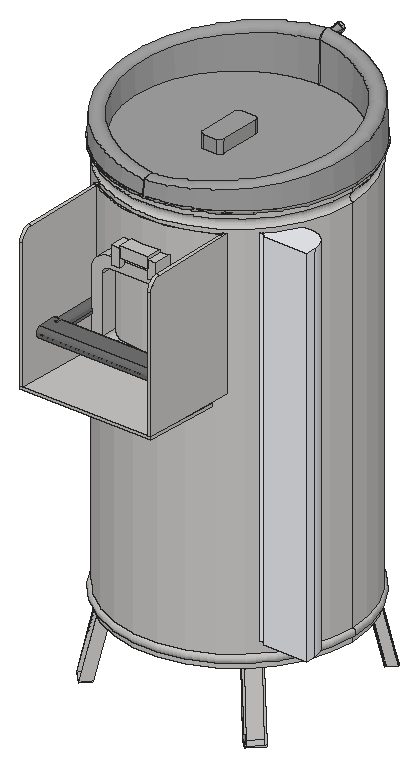
Revit family "QF_ELECTROLUXPROFESSIONAL_602010_T25EF150", category Specialty Equipment, Revit 2018
Family settings
  Round Connector Dimension = Use Diameter
  Part Type = Normal
  Work Plane-Based = No
  Always vertical = Yes
  Cut with Voids When Loaded = No
  Shared = No
  Room Calculation Point = No
Parameters (values of type "QF_ELECTROLUX_602010_T25EF150")
  Weight = 83.00 kg
  Watts = 0 W
  Volts = 220 V
  URL Manufacturer = "http://professional.electrolux.com"
  URL = "http://professional.electrolux.com"
  Steam Supply Size = 0 mm
  Steam Supply Minimum Pressure = 0.0 Pa
  Steam Supply Maximum Pressure = 0.0 Pa
  Steam Pounds per Hour = 0
  Refrigeration Suction Line Size = 0 mm
  Refrigeration Liquid Line Size = 0 mm
  Refrigerant Compressor Remote = yes
  Manufacturer = "Electrolux"
  Phase = 1
  Model = "T25EF150"
  Length Actual = 585.0 mm  # constant formula
  Item Number = "602010"
  Hot Water Size = 0 mm
  Height Actual = 1215.0 mm  # constant formula
  HP = "1.5 HP"
  Gas Size = 0 mm
  Gas KW = 0
  Gas Input Pressure = 0 W
  Direct Waste Size = 80 mm
  Description = "VEG.PEELER-FLAT P+ABR.PL.25KG 220-240/50"
  Depth Actual = 785.0 mm  # constant formula
  Cycle = 50 Hz
  Condensate Return Size = 0 mm
  Compressed Air Volume = 0.0 L/s
  Compressed Air Size = 0 mm
  Compressed Air Pressure = 0.0 Pa
  Cold Water Size = 4267.2 mm
  Accessory = yes
Reference planes
  plane 1 "Center (Front/Back)": y = 0
  plane 2: z = 0
  plane 3 "Center (Left/Right)": x = 0
  plane 4 "BASE": z = 150
  plane 5 "TOP": z = 1065
  plane 6 "FRONT": y = -357.5
  plane 7 "BACK": y = 357.5
  plane 8 "LEFT": x = -292.5
  plane 9 "RIGHT": x = 292.5
  plane 10 "maxTOP": z = 1215
  plane 11 "CenterX": x = -17.5
  plane 12 "panel": y = -153.854
  plane 13 "CenterY": y = 82.5
Forms (mm)
  Extrusion 1, solid, material "QF_Finishes_White"
    sketch origin (15, 33.322, 150) x (-1, 0, 0) y (0, -1, 0)
      loop
        line (-277.5, 138.822) -> (-277.5, 113.822)
        arc (-277.5, 113.822) -> (-263.156, 79.193) -> (-228.526, 64.849) r 48.974
        line (-228.526, 64.849) -> (-207.38, 64.849)
        arc (-207.38, 64.849) -> (-187.353, 99.85) -> (-162.258, 131.415) r 265.602
        line (-162.258, 131.415) -> (-163.019, 132.176) -> (-166.936, 128.259) -> (-177.5, 138.822) -> (-277.5, 138.822)
    from 56.568 to 900.804
  Extrusion 2, solid, material "QF_Finishes_Stainless Steel"
    sketch origin (0, 0, 0) x (0, 1, 0) y (0, 0, 1)
      loop
        line (-357.5, 721.288) -> (-182.5, 713.568) -> (-182.5, 719.093) -> (-357.5, 726.813) -> (-357.5, 721.288)
    from -168.759 to 133.759
  Extrusion 3, solid, material "QF_Finishes_Stainless Steel"
    sketch origin (-44.759, 0, 0) x (0, 1, 0) y (0, 0, -1)
      loop
        line (-357.5, -726.813) -> (-357.5, -1025.804)
        arc (-357.5, -1025.804) -> (-350.178, -1043.482) -> (-332.5, -1050.804) r 25
        line (-332.5, -1050.804) -> (-127.5, -1050.804) -> (-127.5, -718.781) -> (-357.5, -726.813)
    from 117 to 124
  Extrusion 4, solid, material "QF_Finishes_Stainless Steel"
    sketch origin (0, 0, 150) x (-1, 0, 0) y (0, -1, 0)
      loop
        arc (172.251, 140.808) -> (22.607, 184.63) -> (-127.959, 144.09) r 288.186
        line (-127.959, 144.09) -> (-124.477, 136.795)
        arc (-124.477, 136.795) -> (22.609, 176.57) -> (168.759, 133.482) r 280.158
        line (168.759, 133.482) -> (172.251, 140.808)
    from 569.093 to 900.804
  Extrusion 5, solid, material "QF_Finishes_Stainless Steel"
    sketch origin (-17.5, 0, 0) x (0, 0, 1) y (0, -1, 0)
      loop
        circle (832.894, 322.843) r 7
    from -130 to 130
  Extrusion 6, solid, material "QF_Finishes_Rubber Black"
    sketch origin (-17.5, 0, 0) x (0, 0, 1) y (0, -1, 0)
      loop
        arc (844.894, 327.843) -> (822.077, 330.054) -> (832.894, 309.843) r 13
        line (832.894, 309.843) -> (832.894, 285.666)
        arc (832.894, 285.666) -> (838.894, 279.666) -> (844.894, 285.666) r 6
        line (844.894, 285.666) -> (844.894, 327.843)
    from -130 to 130
  Extrusion 7, solid, material "QF_Finishes_Rubber Black"
    sketch origin (-27.476, -357.5, 70) x (-1, 0, 0) y (0, 0, 1)
      loop
        circle (-127.5, 762.394) r 12.5
      loop
        circle (107.547, 762.394) r 12.5
    from 62.138 to 203.646
  Extrusion 8, solid, material "QF_Finishes_Stainless Steel"
    sketch origin (-17.5, 0, 195) x (1, 0, 0) y (0, 0, 1)
      loop
        line (-10, 1005) -> (-7.071, 997.929) -> (0, 995) -> (7.071, 997.929) -> (10, 1005) -> (7.071, 1012.071) -> (0, 1015) -> (-7.071, 1012.071) -> (-10, 1005)
      loop
        circle (0, 1005) r 8
    from -373.585 to -381.017
  Extrusion 9, void
    sketch origin (-17.5, 357.5, 345) x (-1, 0, 0) y (0, 0, 1)
      loop
        circle (0, 330) r 10
    from -157.442 to -143.934
  Extrusion 10, solid, material "QF_Finishes_Gray"
    sketch origin (-17.5, 0, 345) x (1, 0, 0) y (0, 0, 1)
      loop
        circle (0, 330) r 10
    from -208.033 to -187.558
  Revolve 11, solid, material "QF_Finishes_Stainless Steel"
    sketch origin (0, 82.5, 0) x (-1, 0, 0) y (0, 0, 1)
      loop
        line (17.5, 150) -> (283.102, 150) -> (283.102, 160.974)
        arc (283.102, 160.974) -> (289.638, 170.258) -> (283.102, 179.542) r 9.862
        line (283.102, 179.542) -> (283.102, 1059.542)
        arc (283.102, 1059.542) -> (276.862, 1070.408) -> (283.102, 1081.274) r 12.581
        line (283.102, 1081.274) -> (283.102, 1093.788)
        arc (283.102, 1093.788) -> (289.747, 1096.54) -> (292.5, 1103.185) r 9.398
        line (292.5, 1103.185) -> (17.5, 1103.185) -> (17.5, 150)
      axis (17.5, 150) -> (17.5, 1103.185)
    angle from 0 to 360
  SweptBlend 12, solid, material "QF_Finishes_Gray"
    path origin (64.366, 63.98, 1065) x (0.006024, 0.999982, 0) y (0.999982, -0.006024, 0)
      loop
        arc (-238.132, -80.433) -> (15.93, -336.075) -> (273.054, -83.512) r 255.602
    profile origin (-17.5, -173.664, 1065) x (-0.005849, -0.999983, 0) y (0, 0, 1)
      loop
        arc (14.696, 67.651) -> (0, 71.191) -> (-14.696, 67.651) r 32.279
        line (-14.696, 67.651) -> (-18.35, 32.886) -> (18.35, 32.886) -> (14.696, 67.651)
    end profile origin (-17.5, 337.532, 1065) x (-0.005849, 0.999983, 0) y (0, 0, 1)
      loop
        line (-19.398, 32.914) -> (19.398, 32.914) -> (17.099, 133.288)
        arc (17.099, 133.288) -> (0, 150) -> (-17.099, 133.288) r 17.104
        line (-17.099, 133.288) -> (-19.398, 32.914)
  SweptBlend 13, solid, material "QF_Finishes_Gray"
    path origin (0, 0, 1065) x (-1, 0, 0) y (0, -1, 0)
      loop
        arc (17.5, 173.664) -> (-236.607, -81.934) -> (17.5, -337.532) r 255.602
    profile origin (-17.5, -173.664, 1065) x (-0.005849, 0.999983, 0) y (0, 0, 1)
      loop
        line (-14.798, 67.651) -> (-18.452, 32.886) -> (18.247, 32.886) -> (14.593, 67.651)
        spline (14.593, 67.651) -> (12.286, 68.719) -> (9.902, 69.601) -> (7.456, 70.293) -> (4.962, 70.791) -> (2.438, 71.091) -> (-0.102, 71.191) -> (-2.643, 71.091) -> (-5.167, 70.791) -> (-7.66, 70.293) -> (-10.107, 69.601) -> (-12.491, 68.719) -> (-14.798, 67.651)
    end profile origin (-17.5, 337.532, 1065) x (-0.005849, -0.999983, 0) y (0, 0, 1)
      loop
        line (-19.499, 32.914) -> (19.295, 32.914) -> (16.996, 133.288)
        spline (16.996, 133.288) -> (16.332, 137.632) -> (14.582, 141.664) -> (11.863, 145.117) -> (8.354, 147.762) -> (4.287, 149.427) -> (-0.071, 150) -> (-4.43, 149.443) -> (-8.504, 147.794) -> (-12.023, 145.161) -> (-14.755, 141.719) -> (-16.519, 137.694) -> (-17.2, 133.352)
        line (-17.2, 133.352) -> (-19.499, 32.914)
  Extrusion 14, solid, material "QF_Finishes_Gray"
    sketch origin (0, 0, 1065) x (-1, 0, 0) y (0, -1, 0)
      loop
        line (2.5, -112.5) -> (32.5, -112.5)
        arc (32.5, -112.5) -> (39.571, -109.571) -> (42.5, -102.5) r 10
        line (42.5, -102.5) -> (42.5, -12.5)
        arc (42.5, -12.5) -> (39.571, -5.429) -> (32.5, -2.5) r 10
        line (32.5, -2.5) -> (2.5, -2.5)
        arc (2.5, -2.5) -> (-4.571, -5.429) -> (-7.5, -12.5) r 10
        line (-7.5, -12.5) -> (-7.5, -102.5)
        arc (-7.5, -102.5) -> (-4.571, -109.571) -> (2.5, -112.5) r 10
    from 43.406 to 72.383
  Extrusion 15, solid, material "QF_Finishes_Gray"
    sketch origin (0, 0, 1065) x (-1, 0, 0) y (0, -1, 0)
      loop
        circle (16.002, -81.495) r 236.723
    from 43.406 to 38.185
  Extrusion 16, solid, material "QF_Finishes_Stainless Steel"
    sketch origin (9.759, 0, 0) x (0, 1, 0) y (0, 0, 1)
      loop
        line (-357.5, 726.813) -> (-136.795, 719.106) -> (-136.795, 1050.804) -> (-332.5, 1050.804)
        arc (-332.5, 1050.804) -> (-350.178, 1043.482) -> (-357.5, 1025.804) r 25
        line (-357.5, 1025.804) -> (-357.5, 726.813)
    from 117 to 124
  Extrusion 17, solid, material "QF_Finishes_Stainless Steel"
    sketch origin (0, -357.5, 0) x (-1, 0, 0) y (0, 0, 1)
      loop
        line (69.293, 991.706) -> (49.293, 991.706) -> (49.293, 951.706) -> (69.293, 951.706) -> (69.293, 991.706)
      loop
        line (-34.293, 991.706) -> (-34.293, 951.706) -> (-14.293, 951.706) -> (-14.293, 991.706) -> (-34.293, 991.706)
    from 140 to 197
  Extrusion 18, solid, material "QF_Finishes_Stainless Steel"
    sketch origin (5, -357.5, 0) x (-1, 0, 0) y (0, 0, 1)
      loop
        line (87.5, 959.894) -> (-42.5, 959.894)
        arc (-42.5, 959.894) -> (-70.784, 948.178) -> (-82.5, 919.894) r 40
        line (-82.5, 919.894) -> (-82.5, 789.894)
        arc (-82.5, 789.894) -> (-70.784, 761.609) -> (-42.5, 749.894) r 40
        line (-42.5, 749.894) -> (87.5, 749.894)
        arc (87.5, 749.894) -> (115.784, 761.609) -> (127.5, 789.894) r 40
        line (127.5, 789.894) -> (127.5, 919.894)
        arc (127.5, 919.894) -> (115.784, 948.178) -> (87.5, 959.894) r 40
      loop
        line (87.5, 934.894) -> (-42.5, 934.894)
        arc (-42.5, 934.894) -> (-53.107, 930.5) -> (-57.5, 919.894) r 15
        line (-57.5, 919.894) -> (-57.5, 789.894)
        arc (-57.5, 789.894) -> (-53.107, 779.287) -> (-42.5, 774.894) r 15
        line (-42.5, 774.894) -> (87.5, 774.894)
        arc (87.5, 774.894) -> (98.107, 779.287) -> (102.5, 789.894) r 15
        line (102.5, 789.894) -> (102.5, 919.894)
        arc (102.5, 919.894) -> (98.107, 930.5) -> (87.5, 934.894) r 15
    from 150 to 197
  Extrusion 19, solid, material "QF_Finishes_Stainless Steel"
    sketch origin (0, -357.5, 0) x (-1, 0, 0) y (0, 0, 1)
      loop
        line (-14.293, 971.706) -> (49.293, 971.706) -> (49.293, 996.706) -> (-14.293, 996.706) -> (-14.293, 971.706)
    from 197 to 140
  Blend 20, solid, material "QF_Finishes_Stainless Steel"
    base sketch origin (0, 0, 0) x (1, 0, 0) y (0, 1, 0)
      loop
        line (201.823, -108.539) -> (184.146, -90.861) -> (155.861, -119.146) -> (173.539, -136.823) -> (174.953, -135.409) -> (158.69, -119.146) -> (184.146, -93.69) -> (200.409, -109.953) -> (201.823, -108.539)
    top sketch origin (0, 0, 0) x (1, 0, 0) y (0, 1, 0)
      loop
        line (176.754, -83.47) -> (159.077, -65.792) -> (130.792, -94.077) -> (148.47, -111.754) -> (149.884, -110.34) -> (133.621, -94.077) -> (159.077, -68.621) -> (175.34, -84.884) -> (176.754, -83.47)
    from 0 to 150
  Blend 21, solid, material "QF_Finishes_Stainless Steel"
    base sketch origin (0, 0, 0) x (1, 0, 0) y (0, 1, 0)
      loop
        line (-236.823, -108.539) -> (-235.409, -109.953) -> (-219.146, -93.69) -> (-193.69, -119.146) -> (-209.953, -135.409) -> (-208.539, -136.823) -> (-190.861, -119.146) -> (-219.146, -90.861) -> (-236.823, -108.539)
    top sketch origin (0, 0, 0) x (1, 0, 0) y (0, 1, 0)
      loop
        line (-211.754, -83.47) -> (-210.34, -84.884) -> (-194.077, -68.621) -> (-168.621, -94.077) -> (-184.884, -110.34) -> (-183.47, -111.754) -> (-165.792, -94.077) -> (-194.077, -65.792) -> (-211.754, -83.47)
    from 0 to 150
  Blend 22, solid, material "QF_Finishes_Stainless Steel"
    base sketch origin (0, 0, 0) x (1, 0, 0) y (0, 1, 0)
      loop
        line (201.823, 273.539) -> (200.409, 274.953) -> (184.146, 258.69) -> (158.69, 284.146) -> (174.953, 300.409) -> (173.539, 301.823) -> (155.861, 284.146) -> (184.146, 255.861) -> (201.823, 273.539)
    top sketch origin (0, 0, 0) x (1, 0, 0) y (0, 1, 0)
      loop
        line (176.754, 248.47) -> (175.34, 249.884) -> (159.077, 233.621) -> (133.621, 259.077) -> (149.884, 275.34) -> (148.47, 276.754) -> (130.792, 259.077) -> (159.077, 230.792) -> (176.754, 248.47)
    from 0 to 150
  Blend 23, solid, material "QF_Finishes_Stainless Steel"
    base sketch origin (0, 0, 0) x (1, 0, 0) y (0, 1, 0)
      loop
        line (-236.823, 273.539) -> (-219.146, 255.861) -> (-190.861, 284.146) -> (-208.539, 301.823) -> (-209.953, 300.409) -> (-193.69, 284.146) -> (-219.146, 258.69) -> (-235.409, 274.953) -> (-236.823, 273.539)
    top sketch origin (0, 0, 0) x (1, 0, 0) y (0, 1, 0)
      loop
        line (-211.754, 248.47) -> (-194.077, 230.792) -> (-165.792, 259.077) -> (-183.47, 276.754) -> (-184.884, 275.34) -> (-168.621, 259.077) -> (-194.077, 233.621) -> (-210.34, 249.884) -> (-211.754, 248.47)
    from 0 to 150
  Extrusion 24, solid, material "QF_Finishes_Stainless Steel"
    sketch origin (0, 0, 0) x (1, 0, 0) y (0, 1, 0)
      loop
        line (-219.146, -90.861) -> (-236.823, -108.539) -> (-208.539, -136.823) -> (-190.861, -119.146) -> (-219.146, -90.861)
    from 0 to 3
  Extrusion 25, solid, material "QF_Finishes_Stainless Steel"
    sketch origin (-35, 0, 0) x (-1, 0, 0) y (0, -1, 0)
      loop
        line (-219.146, 90.861) -> (-190.861, 119.146) -> (-208.539, 136.823) -> (-236.823, 108.539) -> (-219.146, 90.861)
    from 0 to 3
  Extrusion 26, solid, material "QF_Finishes_Stainless Steel"
    sketch origin (0, 165, 0) x (1, 0, 0) y (0, 1, 0)
      loop
        line (-219.146, 90.861) -> (-190.861, 119.146) -> (-208.539, 136.823) -> (-236.823, 108.539) -> (-219.146, 90.861)
    from 0 to 3
  Extrusion 27, solid, material "QF_Finishes_Stainless Steel"
    sketch origin (-35, 165, 0) x (-1, 0, 0) y (0, -1, 0)
      loop
        line (-219.146, -90.861) -> (-236.823, -108.539) -> (-208.539, -136.823) -> (-190.861, -119.146) -> (-219.146, -90.861)
    from 0 to 3
  Blend 28, solid, material "QF_Finishes_Stainless Steel"
    base sketch origin (0, 357.5, 0) x (-1, 0, 0) y (0, 0, 1)
      loop
        circle (17.5, 550) r 45
    top sketch origin (0, 357.5, 0) x (-1, 0, 0) y (0, 0, 1)
      loop
        circle (17.5, 530) r 45
    from 0 to 51.203
  Extrusion 29, void
    sketch origin (0, 357.5, 0) x (-1, 0, 0) y (0, 0, 1)
      loop
        circle (17.5, 1200) r 8
    from -9.874 to -2.231
  Extrusion 30, solid, material "QF_Finishes_Gray"
    sketch origin (0, -357.5, 0) x (-1, 0, 0) y (0, 0, 1)
      loop
        circle (17.5, 1200) r 8
      loop
        circle (17.5, 1200) r 7
    from 705.126 to 731.085
Cuts and joins
  Extrusion 29 cuts SweptBlend 13
Lines and regions (mm)
  Split face 1
    outline origin (292.5, -105.5, 150) x (-1, 0, 0) y (0, 0, -1)
      loop
        line (84.915, -856.837) -> (84.915, -839.525) -> (34.311, -839.525) -> (34.311, -856.837) -> (84.915, -856.837)
  Split face 2
    outline origin (292.5, -105.5, 150) x (-1, 0, 0) y (0, 0, -1)
      loop
        line (78.34, -826.435) -> (78.34, -833.394) -> (83.261, -838.314) -> (90.22, -838.314) -> (95.141, -833.394) -> (95.141, -826.435) -> (90.22, -821.514) -> (83.261, -821.514) -> (78.34, -826.435)
  Split face 3
    outline origin (327.5, -105.5, 150) x (-1, 0, 0) y (0, 0, -1)
      loop
        line (60.435, -826.435) -> (60.435, -833.394) -> (65.356, -838.314) -> (72.315, -838.314) -> (77.236, -833.394) -> (77.236, -826.435) -> (72.315, -821.514) -> (65.356, -821.514) -> (60.435, -826.435)
  Split face 4
    outline origin (292.5, -105.5, 100) x (-1, 0, 0) y (0, 0, -1)
      loop
        line (78.34, -826.435) -> (78.34, -833.394) -> (83.261, -838.314) -> (90.22, -838.314) -> (95.141, -833.394) -> (95.141, -826.435) -> (90.22, -821.514) -> (83.261, -821.514) -> (78.34, -826.435)
  Split face 5
    outline origin (327.5, -105.5, 100) x (-1, 0, 0) y (0, 0, -1)
      loop
        line (60.435, -826.435) -> (60.435, -833.394) -> (65.356, -838.314) -> (72.315, -838.314) -> (77.236, -833.394) -> (77.236, -826.435) -> (72.315, -821.514) -> (65.356, -821.514) -> (60.435, -826.435)
  symbolic lines
    curve 1: circle (-17.5, 82.5, 0) r 275 normal (0, 0, 1)
    curve 2: line (-225.582, 262.297, 0) -> (-236.823, 273.539, 0)
    curve 3: line (-236.823, 273.539, 0) -> (-208.539, 301.823, 0)
    curve 4: line (-208.539, 301.823, 0) -> (-197.297, 290.582, 0)
    curve 5: line (190.582, 262.297, 0) -> (201.823, 273.539, 0)
    curve 6: line (201.823, 273.539, 0) -> (173.539, 301.823, 0)
    curve 7: line (173.539, 301.823, 0) -> (162.297, 290.582, 0)
    curve 8: line (-225.582, -97.297, 0) -> (-236.823, -108.539, 0)
    curve 9: line (-236.823, -108.539, 0) -> (-208.539, -136.823, 0)
    curve 10: line (-208.539, -136.823, 0) -> (-197.297, -125.582, 0)
    curve 11: line (198.784, -105.5, 0) -> (201.823, -108.539, 0)
    curve 12: line (201.823, -108.539, 0) -> (173.539, -136.823, 0)
    curve 13: line (173.539, -136.823, 0) -> (162.297, -125.582, 0)
    curve 14: line (-42.5, 102.5, 0) -> (-42.5, 12.5, 0)
    curve 15: line (7.5, 12.5, 0) -> (7.5, 102.5, 0)
    curve 16: arc (7.5, 102.5, 0) -> (4.571, 109.571, 0) -> (-2.5, 112.5, 0) r 10
    curve 17: line (-2.5, 112.5, 0) -> (-32.5, 112.5, 0)
    curve 18: arc (-32.5, 112.5, 0) -> (-39.571, 109.571, 0) -> (-42.5, 102.5, 0) r 10
    curve 19: arc (-42.5, 12.5, 0) -> (-39.571, 5.429, 0) -> (-32.5, 2.5, 0) r 10
    curve 20: line (-32.5, 2.5, 0) -> (-2.5, 2.5, 0)
    curve 21: arc (-2.5, 2.5, 0) -> (4.571, 5.429, 0) -> (7.5, 12.5, 0) r 10
    curve 22: line (192.5, -105.5, 0) -> (292.5, -105.5, 0)
    curve 23: line (292.5, -105.5, 0) -> (292.5, -80.5, 0)
    curve 24: arc (292.5, -80.5, 0) -> (278.156, -45.87, 0) -> (243.526, -31.526, 0) r 48.974
    curve 25: line (243.526, -31.526, 0) -> (232.746, -31.526, 0)
    curve 26: line (187.643, -100.643, 0) -> (192.5, -105.5, 0)
    curve 27: line (-168.759, -147.164, 0) -> (-168.759, -357.5, 0)
    curve 28: line (-161.759, -357.5, 0) -> (-161.759, -151.624, 0)
    curve 29: line (-168.759, -357.5, 0) -> (133.759, -357.5, 0)
    curve 30: line (-147.5, -327.843, 0) -> (112.5, -327.843, 0)
    curve 31: line (-69.293, -217.5, 0) -> (34.293, -217.5, 0)
    curve 32: line (-69.293, -187.579, 0) -> (-69.293, -217.5, 0)
    curve 33: line (-49.293, -190.656, 0) -> (-49.293, -217.5, 0)
    curve 34: line (14.293, -217.5, 0) -> (14.293, -190.656, 0)
    curve 35: line (34.293, -217.5, 0) -> (34.293, -187.579, 0)
    curve 36: line (126.759, -151.624, 0) -> (126.759, -357.5, 0)
    curve 37: line (133.759, -357.5, 0) -> (133.759, -147.164, 0)
    curve 38: line (-147.5, -182.5, 0) -> (-161.759, -182.5, 0)
    curve 39: line (-122.5, -207.5, 0) -> (-69.293, -207.5, 0)
    curve 40: line (-122.5, -171.665, 0) -> (-122.5, -281.665, 0)
    curve 41: line (87.5, -207.5, 0) -> (34.293, -207.5, 0)
    curve 42: line (87.5, -171.665, 0) -> (87.5, -281.665, 0)
    curve 43: line (-122.5, -281.665, 0) -> (87.5, -281.665, 0)
    curve 44: line (-147.5, -159.832, 0) -> (-147.5, -327.843, 0)
    curve 45: line (112.5, -159.832, 0) -> (112.5, -327.843, 0)
    curve 46: circle (-17.5, 82.5, 0) r 236.033 normal (0, 0, 1)
Dimensions and locks
  plane 4 "BASE" to level = 150.0 mm
  plane 5 "TOP" to level = 1065.0 mm
  equal spacing: plane 8 "LEFT", plane 3 "Center (Left/Right)", plane 9 "RIGHT"
  equal spacing: plane 7 "BACK", plane 1 "Center (Front/Back)", plane 6 "FRONT"
  plane 5 "TOP" to plane 4 "BASE" to plane 2 = 915.0 mm, 150.0 mm
  plane 5 "TOP" to plane 2 = 1065.0 mm
  plane 10 "maxTOP" to plane 2 = 1215.0 mm  (x2)
  plane 10 "maxTOP" to plane 4 "BASE" = 1065.0 mm
  plane 6 "FRONT" to plane 1 "Center (Front/Back)" to plane 7 "BACK" = 357.5 mm, 357.5 mm
  plane 9 "RIGHT" to plane 8 "LEFT" = 585.0 mm
  plane 6 "FRONT" to plane 7 "BACK" = 715.0 mm
  plane 9 "RIGHT" to plane 3 "Center (Left/Right)" to plane 8 "LEFT" = 292.5 mm, 292.5 mm
  plane 8 "LEFT" to plane 9 "RIGHT" = 585.0 mm
  plane 7 "BACK" to plane 6 "FRONT" = 715.0 mm
  plane 5 "TOP" to plane 4 "BASE" = 915.0 mm
  plane 8 "LEFT" to plane 11 "CenterX" = 275.0 mm
  plane 7 "BACK" to plane 13 "CenterY" = 275.0 mm
  plane 6 "FRONT" to Extrusion 2 = 175.0 mm
  aligned and locked: level to plane 2
Automatic sketch dimensions
  Extrusion 1 sketch curve to plane 9 "RIGHT" = 0.0 mm
  Extrusion 1 sketch curve to plane 11 "CenterX" = 0.0 mm
  Extrusion 1 sketch curve to plane 13 "CenterY" = 0.0 mm
  Extrusion 1 sketch curve to Extrusion 1 sketch curve = 48.974 mm
  Extrusion 1 sketch curve to Extrusion 1 sketch curve = 21.146 mm
  Extrusion 1 sketch curve to Extrusion 1 sketch curve = 51.026 mm
  Extrusion 1 sketch curve to plane 12 "panel" = 58.917 mm
  Extrusion 1 sketch curve to Extrusion 1 sketch curve = 10.564 mm
  Extrusion 1 sketch curve to plane 12 "panel" = 55.0 mm
  Extrusion 1 sketch curve to Extrusion 1 sketch curve = 3.917 mm
  plane 1 "Center (Front/Back)" to Extrusion 1 sketch curve = 98.093 mm
  Extrusion 2 sketch curve to plane 6 "FRONT" = 0.0 mm
  plane 12 "panel" to Extrusion 2 sketch curve = 28.646 mm
  Extrusion 2 sketch curve to plane 5 "TOP" = 351.432 mm
  Extrusion 2 sketch curve to Extrusion 2 sketch curve = 5.525 mm  (x2)
  Extrusion 2 sketch curve to Extrusion 2 sketch curve = 2.195 mm
  Extrusion 3 sketch curve to plane 6 "FRONT" = 0.0 mm
  Extrusion 3 sketch curve to plane 5 "TOP" = 14.196 mm
  plane 6 "FRONT" to Extrusion 3 sketch curve = 25.0 mm
  Extrusion 3 sketch curve to plane 12 "panel" = 26.354 mm
  Extrusion 3 sketch curve to Extrusion 3 sketch curve = 298.991 mm
  Extrusion 3 sketch curve to Extrusion 3 sketch curve = 8.032 mm
  Extrusion 4 sketch curve to plane 12 "panel" = 9.763 mm
  plane 3 "Center (Left/Right)" to Extrusion 4 sketch curve = 127.959 mm
  Extrusion 4 sketch curve to plane 12 "panel" = 17.059 mm
  Extrusion 4 sketch curve to Extrusion 4 sketch curve = 3.482 mm
  Extrusion 4 sketch curve to plane 11 "CenterX" = 1.945 mm
  Extrusion 4 sketch curve to Extrusion 4 sketch curve = 0.012 mm
  Extrusion 4 sketch curve to plane 12 "panel" = 20.372 mm
  Extrusion 4 sketch curve to plane 3 "Center (Left/Right)" = 168.759 mm
  Extrusion 4 sketch curve to plane 12 "panel" = 13.046 mm
  Extrusion 4 sketch curve to Extrusion 4 sketch curve = 3.491 mm
  Extrusion 5 sketch curve to Extrusion 5 sketch curve = 0.0 mm  (x2)
  plane 6 "FRONT" to Extrusion 5 sketch curve = 34.657 mm
  Extrusion 5 sketch curve to plane 5 "TOP" = 232.106 mm
  Extrusion 5 sketch curve to Extrusion 5 sketch curve = 7.0 mm
  plane 6 "FRONT" to Extrusion 6 sketch curve = 47.657 mm
  Extrusion 6 sketch curve to plane 5 "TOP" = 232.106 mm
  Extrusion 6 sketch curve to Extrusion 6 sketch curve = 6.0 mm
  Extrusion 6 sketch curve to Extrusion 6 sketch curve = 24.177 mm
  Extrusion 6 sketch curve to Extrusion 6 sketch curve = 13.0 mm
  plane 3 "Center (Left/Right)" to Extrusion 7 sketch curve = 100.024 mm
  Extrusion 7 sketch curve to plane 11 "CenterX" = 117.524 mm
  Extrusion 7 sketch curve to plane 5 "TOP" = 232.606 mm  (x2)
  Extrusion 8 sketch curve to plane 11 "CenterX" = 0.0 mm  (x3)
  Extrusion 8 sketch curve to plane 11 "CenterX" = 7.071 mm  (x2)
  Extrusion 8 sketch curve to Extrusion 8 sketch curve = 2.929 mm  (x4)
  plane 11 "CenterX" to Extrusion 8 sketch curve = 7.071 mm  (x2)
  Extrusion 8 sketch curve to plane 3 "Center (Left/Right)" = 7.5 mm
  plane 5 "TOP" to Extrusion 8 sketch curve = 125.0 mm
  Extrusion 8 sketch curve to Extrusion 8 sketch curve = 7.071 mm  (x4)
  Extrusion 8 sketch curve to Extrusion 8 sketch curve = 10.0 mm
  Extrusion 9 sketch curve to plane 3 "Center (Left/Right)" = 17.5 mm
  plane 4 "BASE" to Extrusion 9 sketch curve = 525.0 mm
  Extrusion 10 sketch curve to plane 3 "Center (Left/Right)" = 17.5 mm
  plane 4 "BASE" to Extrusion 10 sketch curve = 525.0 mm
  Split face 1 sketch curve to Extrusion 1 = 34.311 mm
  Split face 1 sketch curve to Extrusion 1 = 15.085 mm
  Split face 1 sketch curve to Extrusion 1 = 43.967 mm
  Split face 1 sketch curve to Split face 1 sketch curve = 17.312 mm
  Split face 2 sketch curve to Extrusion 1 = 21.66 mm
  Split face 2 sketch curve to Split face 2 sketch curve = 4.921 mm  (x5)
  Split face 2 sketch curve to Split face 2 sketch curve = 6.959 mm  (x4)
  Split face 2 sketch curve to Extrusion 1 = 4.859 mm
  Split face 2 sketch curve to Extrusion 1 = 62.49 mm
  Split face 3 sketch curve to Extrusion 1 = 25.435 mm
  Split face 3 sketch curve to Split face 3 sketch curve = 4.921 mm  (x6)
  Split face 3 sketch curve to Split face 3 sketch curve = 6.959 mm  (x4)
  Split face 3 sketch curve to Extrusion 1 = 62.49 mm
  Split face 4 sketch curve to Extrusion 1 = 21.66 mm
  Split face 4 sketch curve to Split face 4 sketch curve = 4.921 mm  (x5)
  Split face 4 sketch curve to Split face 4 sketch curve = 6.959 mm  (x4)
  Split face 4 sketch curve to Extrusion 1 = 4.859 mm
  Split face 4 sketch curve to Extrusion 1 = 112.49 mm
  Split face 5 sketch curve to Extrusion 1 = 25.435 mm
  Split face 5 sketch curve to Split face 5 sketch curve = 4.921 mm  (x6)
  Split face 5 sketch curve to Split face 5 sketch curve = 6.959 mm  (x4)
  Split face 5 sketch curve to Extrusion 1 = 112.49 mm
  Revolve 11 sketch curve to plane 4 "BASE" = 0.0 mm  (x2)
  Revolve 11 sketch curve to plane 11 "CenterX" = 0.0 mm  (x2)
  Revolve 11 sketch curve to plane 8 "LEFT" = 0.0 mm
  plane 8 "LEFT" to Revolve 11 sketch curve = 12.724 mm
  plane 8 "LEFT" to Revolve 11 sketch curve = 9.398 mm  (x3)
  plane 8 "LEFT" to Revolve 11 sketch curve = 3.057 mm
  plane 4 "BASE" to Revolve 11 sketch curve = 10.974 mm
  Revolve 11 sketch curve to Revolve 11 sketch curve = 9.284 mm
  Revolve 11 sketch curve to plane 5 "TOP" = 5.458 mm
  plane 5 "TOP" to Revolve 11 sketch curve = 5.408 mm
  Revolve 11 sketch curve to Revolve 11 sketch curve = 12.513 mm
  plane 10 "maxTOP" to Revolve 11 sketch curve = 75.0 mm
  SweptBlend 12 sketch curve to plane 11 "CenterX" = 0.0 mm  (x2)
  plane 13 "CenterY" to SweptBlend 12 sketch curve = 0.566 mm
  SweptBlend 12 sketch curve to plane 11 "CenterX" = 1.495 mm
  SweptBlend 12 sketch curve to SweptBlend 12 sketch curve = 255.602 mm
  SweptBlend 12 sketch curve to profile plane = 0.0 mm  (x2)
  profile plane to SweptBlend 12 sketch curve = 14.696 mm
  profile plane to SweptBlend 12 sketch curve = 18.35 mm
  SweptBlend 12 sketch curve to profile plane = 14.696 mm
  SweptBlend 12 sketch curve to profile plane = 18.35 mm
  plane 5 "TOP" to SweptBlend 12 sketch curve = 32.886 mm
  SweptBlend 12 sketch curve to SweptBlend 12 sketch curve = 6.026 mm
  SweptBlend 12 sketch curve to SweptBlend 12 sketch curve = 28.739 mm
  profile plane to SweptBlend 12 sketch curve = 17.099 mm
  profile plane to SweptBlend 12 sketch curve = 19.398 mm
  SweptBlend 12 sketch curve to profile plane = 17.099 mm
  SweptBlend 12 sketch curve to profile plane = 19.398 mm
  plane 5 "TOP" to SweptBlend 12 sketch curve = 32.914 mm
  SweptBlend 12 sketch curve to SweptBlend 12 sketch curve = 99.982 mm
  SweptBlend 12 sketch curve to SweptBlend 12 sketch curve = 0.392 mm
  SweptBlend 13 sketch curve to plane 11 "CenterX" = 0.0 mm  (x2)
  SweptBlend 13 sketch curve to plane 13 "CenterY" = 0.566 mm
  SweptBlend 13 sketch curve to plane 11 "CenterX" = 1.495 mm
  SweptBlend 13 sketch curve to plane 7 "BACK" = 19.968 mm
  profile plane to SweptBlend 13 sketch curve = 18.452 mm
  profile plane to SweptBlend 13 sketch curve = 14.798 mm
  SweptBlend 13 sketch curve to profile plane = 14.593 mm
  SweptBlend 13 sketch curve to profile plane = 18.247 mm
  plane 5 "TOP" to SweptBlend 13 sketch curve = 32.886 mm
  SweptBlend 13 sketch curve to SweptBlend 13 sketch curve = 34.765 mm
  SweptBlend 13 sketch curve to SweptBlend 13 sketch curve = 0.0 mm  (x3)
  SweptBlend 13 sketch curve to SweptBlend 13 sketch curve = 6.026 mm
  SweptBlend 13 sketch curve to SweptBlend 13 sketch curve = 3.54 mm
  profile plane to SweptBlend 13 sketch curve = 19.499 mm
  profile plane to SweptBlend 13 sketch curve = 17.2 mm
  SweptBlend 13 sketch curve to profile plane = 19.295 mm
  plane 5 "TOP" to SweptBlend 13 sketch curve = 32.914 mm
  SweptBlend 13 sketch curve to SweptBlend 13 sketch curve = 100.438 mm
  profile plane to SweptBlend 13 sketch curve = 0.103 mm
  SweptBlend 13 sketch curve to profile plane = 16.996 mm
  SweptBlend 13 sketch curve to SweptBlend 13 sketch curve = 0.456 mm
  SweptBlend 13 sketch curve to SweptBlend 13 sketch curve = 0.392 mm
  plane 3 "Center (Left/Right)" to Extrusion 14 sketch curve = 7.5 mm
  Extrusion 14 sketch curve to plane 3 "Center (Left/Right)" = 2.5 mm  (x2)
  Extrusion 14 sketch curve to plane 1 "Center (Front/Back)" = 2.5 mm
  Extrusion 14 sketch curve to plane 11 "CenterX" = 15.0 mm  (x2)
  Extrusion 14 sketch curve to Extrusion 14 sketch curve = 10.0 mm
  plane 13 "CenterY" to Extrusion 14 sketch curve = 20.0 mm
  plane 11 "CenterX" to Extrusion 15 sketch curve = 1.498 mm
  Extrusion 15 sketch curve to plane 13 "CenterY" = 1.005 mm
  Extrusion 16 sketch curve to plane 6 "FRONT" = 0.0 mm
  Extrusion 16 sketch curve to plane 5 "TOP" = 14.196 mm
  plane 6 "FRONT" to Extrusion 16 sketch curve = 25.0 mm
  Extrusion 16 sketch curve to plane 12 "panel" = 17.059 mm
  Extrusion 16 sketch curve to Extrusion 16 sketch curve = 298.991 mm
  Extrusion 16 sketch curve to Extrusion 16 sketch curve = 7.707 mm
  plane 3 "Center (Left/Right)" to Extrusion 17 sketch curve = 34.293 mm
  plane 3 "Center (Left/Right)" to Extrusion 17 sketch curve = 14.293 mm
  Extrusion 17 sketch curve to plane 11 "CenterX" = 31.793 mm
  Extrusion 17 sketch curve to Extrusion 17 sketch curve = 20.0 mm
  Extrusion 17 sketch curve to plane 5 "TOP" = 113.294 mm
  Extrusion 17 sketch curve to Extrusion 17 sketch curve = 0.0 mm
  Extrusion 17 sketch curve to Extrusion 17 sketch curve = 40.0 mm  (x2)
  Extrusion 18 sketch curve to Extrusion 18 sketch curve = 0.0 mm  (x8)
  plane 3 "Center (Left/Right)" to Extrusion 18 sketch curve = 87.5 mm
  Extrusion 18 sketch curve to Extrusion 18 sketch curve = 25.0 mm
  Extrusion 18 sketch curve to Extrusion 18 sketch curve = 15.0 mm  (x3)
  Extrusion 18 sketch curve to plane 11 "CenterX" = 65.0 mm  (x2)
  Extrusion 18 sketch curve to plane 5 "TOP" = 315.106 mm
  Extrusion 18 sketch curve to Extrusion 18 sketch curve = 130.0 mm
  plane 3 "Center (Left/Right)" to Extrusion 19 sketch curve = 14.293 mm
  Extrusion 19 sketch curve to plane 11 "CenterX" = 31.793 mm
  Extrusion 19 sketch curve to plane 5 "TOP" = 93.294 mm
  Extrusion 19 sketch curve to Extrusion 19 sketch curve = 25.0 mm
  plane 9 "RIGHT" to Blend 20 sketch curve = 136.639 mm
  Blend 20 sketch curve to plane 12 "panel" = 34.708 mm
  Blend 20 sketch curve to Blend 20 sketch curve = 2.828 mm  (x2)
  Blend 20 sketch curve to plane 12 "panel" = 17.03 mm
  Blend 20 sketch curve to Blend 20 sketch curve = 14.849 mm  (x2)
  Blend 20 sketch curve to plane 12 "panel" = 18.444 mm
  Blend 20 sketch curve to plane 12 "panel" = 62.992 mm
  Blend 20 sketch curve to plane 12 "panel" = 60.164 mm
  Blend 20 sketch curve to plane 12 "panel" = 43.9 mm
  plane 3 "Center (Left/Right)" to Blend 20 sketch curve = 130.792 mm
  Blend 20 sketch curve to plane 12 "panel" = 42.099 mm
  Blend 20 sketch curve to plane 12 "panel" = 43.514 mm
  Blend 20 sketch curve to Blend 20 sketch curve = 1.414 mm
  plane 1 "Center (Front/Back)" to Blend 20 sketch curve = 65.792 mm
  plane 1 "Center (Front/Back)" to Blend 20 sketch curve = 68.621 mm
  Blend 20 sketch curve to plane 12 "panel" = 68.969 mm
  plane 8 "LEFT" to Blend 21 sketch curve = 55.677 mm
  Blend 21 sketch curve to Blend 21 sketch curve = 1.414 mm  (x4)
  Blend 21 sketch curve to Blend 21 sketch curve = 16.263 mm  (x2)
  Blend 21 sketch curve to Blend 21 sketch curve = 0.0 mm
  Blend 21 sketch curve to plane 12 "panel" = 18.444 mm
  Blend 21 sketch curve to Blend 21 sketch curve = 25.456 mm  (x2)
  Blend 21 sketch curve to plane 12 "panel" = 17.03 mm
  Blend 21 sketch curve to plane 12 "panel" = 34.708 mm
  plane 8 "LEFT" to Blend 21 sketch curve = 80.746 mm
  plane 1 "Center (Front/Back)" to Blend 21 sketch curve = 68.621 mm
  plane 1 "Center (Front/Back)" to Blend 21 sketch curve = 65.792 mm
  Blend 21 sketch curve to plane 12 "panel" = 43.514 mm
  Blend 21 sketch curve to plane 12 "panel" = 42.099 mm
  plane 9 "RIGHT" to Blend 22 sketch curve = 136.639 mm
  Blend 22 sketch curve to plane 7 "BACK" = 73.354 mm
  Blend 22 sketch curve to Blend 22 sketch curve = 2.828 mm  (x2)
  Blend 22 sketch curve to plane 7 "BACK" = 55.677 mm
  Blend 22 sketch curve to Blend 22 sketch curve = 14.849 mm  (x2)
  Blend 22 sketch curve to plane 7 "BACK" = 57.091 mm
  Blend 22 sketch curve to plane 7 "BACK" = 101.639 mm
  Blend 22 sketch curve to plane 7 "BACK" = 98.81 mm
  Blend 22 sketch curve to plane 7 "BACK" = 82.547 mm
  plane 3 "Center (Left/Right)" to Blend 22 sketch curve = 130.792 mm
  Blend 22 sketch curve to plane 7 "BACK" = 98.423 mm
  Blend 22 sketch curve to plane 7 "BACK" = 80.746 mm
  Blend 22 sketch curve to plane 7 "BACK" = 82.16 mm
  Blend 22 sketch curve to plane 7 "BACK" = 126.708 mm
  Blend 22 sketch curve to plane 7 "BACK" = 123.879 mm
  Blend 22 sketch curve to plane 7 "BACK" = 107.616 mm
  plane 8 "LEFT" to Blend 23 sketch curve = 55.677 mm
  Blend 23 sketch curve to Blend 23 sketch curve = 1.414 mm  (x4)
  Blend 23 sketch curve to Blend 23 sketch curve = 16.263 mm  (x4)
  Blend 23 sketch curve to Blend 23 sketch curve = 0.0 mm  (x2)
  Blend 23 sketch curve to Blend 23 sketch curve = 25.456 mm  (x2)
  Blend 23 sketch curve to plane 7 "BACK" = 55.677 mm
  Blend 23 sketch curve to plane 7 "BACK" = 73.354 mm
  plane 8 "LEFT" to Blend 23 sketch curve = 80.746 mm
  Blend 23 sketch curve to plane 7 "BACK" = 80.746 mm
  Blend 23 sketch curve to plane 7 "BACK" = 98.423 mm
  plane 8 "LEFT" to Extrusion 24 sketch curve = 55.677 mm
  Extrusion 24 sketch curve to plane 12 "panel" = 17.03 mm
  Extrusion 24 sketch curve to Extrusion 24 sketch curve = 28.284 mm
  plane 1 "Center (Front/Back)" to Extrusion 24 sketch curve = 90.861 mm
  Extrusion 24 sketch curve to Extrusion 24 sketch curve = 17.678 mm
  Extrusion 25 sketch curve to plane 9 "RIGHT" = 90.677 mm
  plane 12 "panel" to Extrusion 25 sketch curve = 17.03 mm
  Extrusion 25 sketch curve to Extrusion 25 sketch curve = 28.284 mm
  Extrusion 25 sketch curve to plane 1 "Center (Front/Back)" = 90.861 mm
  Extrusion 25 sketch curve to Extrusion 25 sketch curve = 17.678 mm
  Extrusion 26 sketch curve to plane 8 "LEFT" = 55.677 mm
  plane 7 "BACK" to Extrusion 26 sketch curve = 55.677 mm
  Extrusion 26 sketch curve to Extrusion 26 sketch curve = 28.284 mm  (x2)
  Extrusion 26 sketch curve to Extrusion 26 sketch curve = 17.678 mm
  plane 9 "RIGHT" to Extrusion 27 sketch curve = 90.677 mm
  Extrusion 27 sketch curve to plane 7 "BACK" = 55.677 mm
  Extrusion 27 sketch curve to Extrusion 27 sketch curve = 28.284 mm  (x2)
  Extrusion 27 sketch curve to Extrusion 27 sketch curve = 17.678 mm
  Blend 28 sketch curve to plane 11 "CenterX" = 0.0 mm  (x2)
  plane 4 "BASE" to Blend 28 sketch curve = 400.0 mm
  Extrusion 29 sketch curve to plane 11 "CenterX" = 0.0 mm
  Extrusion 29 sketch curve to plane 10 "maxTOP" = 15.0 mm
  Extrusion 30 sketch curve to plane 11 "CenterX" = 0.0 mm
  Extrusion 30 sketch curve to plane 10 "maxTOP" = 15.0 mm
  Extrusion 30 sketch curve to Extrusion 30 sketch curve = 8.0 mm
  Extrusion 30 sketch curve to Extrusion 30 sketch curve = 0.0 mm  (x2)
  Extrusion 30 sketch curve to Extrusion 30 sketch curve = 1.0 mm
  plane 4 "BASE" to Blend 28 sketch curve = 380.0 mm
  curve 1 to curve 46 = 0.0 mm  (x2)
  curve 27 to plane 6 "FRONT" = 0.0 mm
  curve 1 to plane 11 "CenterX" = 0.0 mm
  curve 22 to plane 9 "RIGHT" = 0.0 mm
  curve 1 to plane 13 "CenterY" = 0.0 mm
  curve 19 to plane 11 "CenterX" = 15.0 mm
  curve 17 to plane 11 "CenterX" = 15.0 mm
  curve 14 to curve 18 = 10.0 mm
  curve 31 to plane 11 "CenterX" = 51.793 mm
  curve 43 to curve 31 = 53.207 mm
  curve 44 to curve 40 = 25.0 mm
  curve 29 to curve 30 = 21.259 mm
  curve 10 to plane 12 "panel" = 17.03 mm
  curve 10 to curve 27 = 39.78 mm
  plane 8 "LEFT" to curve 3 = 83.961 mm
  curve 9 to curve 9 = 28.284 mm  (x2)
  curve 3 to curve 3 = 28.284 mm
  curve 20 to plane 3 "Center (Left/Right)" = 2.5 mm
  curve 17 to plane 3 "Center (Left/Right)" = 2.5 mm
  plane 3 "Center (Left/Right)" to curve 15 = 7.5 mm
  plane 3 "Center (Left/Right)" to curve 35 = 34.293 mm
  curve 31 to curve 43 = 53.207 mm
  curve 42 to curve 30 = 25.0 mm
  curve 30 to curve 37 = 21.259 mm
  curve 7 to plane 7 "BACK" = 55.677 mm
  plane 9 "RIGHT" to curve 7 = 118.961 mm
  curve 13 to plane 12 "panel" = 17.03 mm
  curve 37 to curve 13 = 39.78 mm
  curve 26 to plane 12 "panel" = 48.354 mm
  curve 12 to curve 26 = 18.961 mm
  curve 11 to plane 12 "panel" = 45.315 mm
  curve 22 to curve 11 = 9.323 mm
  curve 6 to curve 5 = 28.284 mm
  plane 9 "RIGHT" to curve 25 = 48.974 mm
  plane 6 "FRONT" to curve 30 = 29.657 mm
  curve 30 to curve 40 = 46.178 mm
  plane 12 "panel" to curve 31 = 63.646 mm
  curve 11 to curve 24 = 28.039 mm
  curve 20 to plane 1 "Center (Front/Back)" = 2.5 mm
  plane 13 "CenterY" to curve 18 = 20.0 mm
  curve 5 to curve 6 = 28.284 mm
  curve 2 to plane 7 "BACK" = 83.961 mm
  curve 2 to curve 4 = 28.284 mm
  curve 31 to curve 33 = 20.0 mm
  curve 38 to curve 38 = 14.259 mm
  curve 10 to plane 12 "panel" = 28.272 mm
  plane 3 "Center (Left/Right)" to curve 34 = 14.293 mm
  curve 36 to plane 12 "panel" = 2.229 mm
  curve 26 to plane 12 "panel" = 53.211 mm
  curve 31 to curve 39 = 10.0 mm
  curve 31 to curve 41 = 10.0 mm
  curve 38 to curve 44 = 22.668 mm
  radius of Extrusion 7 sketch curve = 12.5 mm  (x2)
  radius of Extrusion 8 sketch curve = 8.0 mm
  radius of Extrusion 9 sketch curve = 10.0 mm
  radius of Extrusion 10 sketch curve = 10.0 mm
  radius of Extrusion 15 sketch curve = 236.723 mm
  radius of Blend 28 sketch curve = 45.0 mm  (x2)
  radius of Extrusion 29 sketch curve = 8.0 mm
  radius of curve 46 = 236.033 mm
Connectors
  electrical at (-17.5, 208.033, 675), driven by "Volts"
    settings: on Extrusion 10, index 1, voltage 220 V, apparent load 0 VA, apparent load phase1 0 VA, apparent load phase2 0 VA, apparent load phase3 0 VA, power factor 1, load classification "Other", number of poles 1, system type 30, power factor state 1, is connector primary yes, connector utility no, sub classification motor no, connector description "Electrical Connection"
  piping at (-17.5, 381.017, 1200), diameter 9.5
    settings: on Extrusion 8, index 2, connector inside diameter 609.6 mm, connector length 0.0 mm, flow factor 0, pipe flow 0.0 L/s, pressure drop 0.0 Pa, fitting loss kfactor 0, connector angle 0.00°, fixture units 0, engagement length 0.0 mm, angle of deflection 0.00°, flow configuration 1, flow direction 1, fitting loss method 0, system type 20, joint type 0, gender type 0, connector reference index -1, connector utility 0, adjustable connector no, is connector primary yes, connector description "Cold Water Inlet 1"
  piping at (-17.5, 408.703, 530), diameter 90
    settings: on Blend 28, index 3, connector inside diameter 609.6 mm, connector length 0.0 mm, flow factor 0, pipe flow 0.0 L/s, pressure drop 0.0 Pa, fitting loss kfactor 0, connector angle 0.00°, fixture units 0, engagement length 0.0 mm, angle of deflection 0.00°, flow configuration 1, flow direction 2, fitting loss method 0, system type 16, joint type 0, gender type 0, connector reference index -1, connector utility 0, adjustable connector no, is connector primary no, connector description "Drain"
